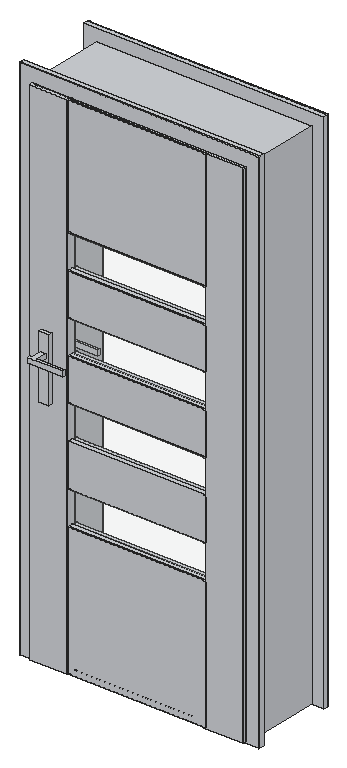
Revit family "porta_koncept_H4", category Drzwi, Revit 2016
Family settings
  Obiekt nadrzędny = Ściana
  Zawsze pionowo = Tak
  Tnij formami wycięć po wczytaniu = Nie
  Współdzielony = Nie
  Punkt obliczania pomieszczeń = Nie
Parameters (values of type "PN 80")
  Wysokość brutto = 2060 mm
  Szerokość brutto = 880 mm
  Model = "Koncept"
  Konstrukcja analityczna = "<Brak>"
  Funkcja = Wewnętrzna
  URL = "www.porta.com.pl"
  Ss = 844 mm
  Sb = 846 mm
  Producent = "PORTA KMI POLAND"
  Keynote = ""
  Description = ""
  Wysokość = 2016 mm
  Zakończenie ściany = Wg obiektu nadrzędnego
  Szerokość = 800 mm
  Materiał_skrzydło [instance] = none
  Materiał_ościeżnica [instance] = none
  Materiał_klamka [instance] = none
  Informacja = "Własność Porta KMI Poland, wszelkie prawa zastrzeżone."  # constant formula
  Hs = 2030 mm
Types (6, lengths in mm): name | Szerokość brutto | Model | Ss | Sb | Description | Szerokość
  PN 70 | 780 | 0 | 744 | 746 | "Biblioteki CAD produktów firmy PORTA KMI POLAND wraz z ich wizualizacjami są chronione prawami własności przemysłowej i intelektualnej. Można je wykorzystywać do handlowych celów osobistych poprzez zastosowanie w projektach, jednak nie wolno ich powielać, modyfikować, licencjonować ani publikować, w całości ani w części, chyba że celem przeglądania, bez uprzedniej pisemnej zgody PORTA KMI Poland. www.porta.com.pl" | 700
  PN 60 | 680 | 0 | 644 | 646 | "Biblioteki CAD produktów firmy PORTA KMI POLAND wraz z ich wizualizacjami są chronione prawami własności przemysłowej i intelektualnej. Można je wykorzystywać do handlowych celów osobistych poprzez zastosowanie w projektach, jednak nie wolno ich powielać, modyfikować, licencjonować ani publikować, w całości ani w części, chyba że celem przeglądania, bez uprzedniej pisemnej zgody PORTA KMI Poland. www.porta.com.pl" | 600
  PN 80 | 880 | "Koncept" | 844 | 846 | "" | 800
  PN 90 | 980 | 0 | 944 | 946 | "Biblioteki CAD produktów firmy PORTA KMI POLAND wraz z ich wizualizacjami są chronione prawami własności przemysłowej i intelektualnej. Można je wykorzystywać do handlowych celów osobistych poprzez zastosowanie w projektach, jednak nie wolno ich powielać, modyfikować, licencjonować ani publikować, w całości ani w części, chyba że celem przeglądania, bez uprzedniej pisemnej zgody PORTA KMI Poland. www.porta.com.pl" | 900
  PN 100 | 1080 | 0 | 1044 | 1046 | "Biblioteki CAD produktów firmy PORTA KMI POLAND wraz z ich wizualizacjami są chronione prawami własności przemysłowej i intelektualnej. Można je wykorzystywać do handlowych celów osobistych poprzez zastosowanie w projektach, jednak nie wolno ich powielać, modyfikować, licencjonować ani publikować, w całości ani w części, chyba że celem przeglądania, bez uprzedniej pisemnej zgody PORTA KMI Poland. www.porta.com.pl" | 1000
  PN 110 | 1180 | 0 | 1144 | 1146 | "Biblioteki CAD produktów firmy PORTA KMI POLAND wraz z ich wizualizacjami są chronione prawami własności przemysłowej i intelektualnej. Można je wykorzystywać do handlowych celów osobistych poprzez zastosowanie w projektach, jednak nie wolno ich powielać, modyfikować, licencjonować ani publikować, w całości ani w części, chyba że celem przeglądania, bez uprzedniej pisemnej zgody PORTA KMI Poland. www.porta.com.pl" | 1100
Reference planes
  plane 1: y = 0
  plane 2 "Środek (Lewa/Prawa)": x = 0
  plane 3 "Lewy": x = -440
  plane 4 "Prawy": x = 440
  plane 5: z = 2060
  plane 6 "Zewnętrzna": y = 150
  plane 7 "Wewnętrzna": y = -150
  plane 8 "skrzydło": y = -144.5
Forms (mm)
  Sweep 1, solid, material <- "Materiał_ościeżnica"
    path in 3D
      loop
        line (-440, -150, 0) -> (-440, -150, 2060) -> (440, -150, 2060) -> (440, -150, 0)
    profile origin (-440, -150, 1030) x (0, -1, 0) y (1, 0, 0)
      loop
        line (-10, 39) -> (-72, 39) -> (-72, 17) -> (0, 17) -> (0, -33) -> (16, -33)
        arc (16, -33) -> (18.121, -32.121) -> (19, -30) r 3
        line (19, -30) -> (19, 24)
        arc (19, 24) -> (18.121, 26.121) -> (16, 27) r 3
        line (16, 27) -> (-10, 27) -> (-10, 39)
  Sweep 2, solid, material <- "Materiał_ościeżnica"
    path in 3D
      loop
        line (440, 150, 0) -> (440, 150, 2060) -> (-440, 150, 2060) -> (-440, 150, 0)
    profile origin (-440, 150, 1030) x (1, 0, 0) y (0, 1, 0)
      loop
        line (-33, 0) -> (17, 0) -> (17, -228) -> (39, -228) -> (39, -1)
        arc (39, -1) -> (37.536, 2.536) -> (34, 4) r 5
        line (34, 4) -> (25, 4) -> (25, 16)
        arc (25, 16) -> (24.121, 18.121) -> (22, 19) r 3
        line (22, 19) -> (-30, 19)
        arc (-30, 19) -> (-32.121, 18.121) -> (-33, 16) r 3
        line (-33, 16) -> (-33, 0)
  Sweep 3, solid, not visible
    path in 3D
      loop
        line (-440, -150, 0) -> (-440, -150, 2060)
    profile origin (-440, -150, 1030) x (0, -1, 0) y (1, 0, 0)
      loop
        line (-151, 17) -> (-149, 17) -> (-149, 19) -> (-151, 19) -> (-151, 17)
Cuts and joins
  joined: Sweep 1, Sweep 2
Lines and regions (mm)
  Opening 1
    outline origin (-3050, -150, 0) x (1, 0, 0) y (0, 0, 1)
      loop
        line (2610, 0) -> (3490, 0) -> (3490, 2060) -> (2610, 2060) -> (2610, 0)
  sketch lines
    curve 1: line (-440, -150, 0) -> (-440, -150, 2060)
    curve 2: line (-440, -150, 2060) -> (440, -150, 2060)
    curve 3: line (440, -150, 2060) -> (440, -150, 0)
    curve 4: line (-440, 150, 2060) -> (-440, 150, 0)
    curve 5: line (440, 150, 2060) -> (-440, 150, 2060)
    curve 6: line (440, 150, 0) -> (440, 150, 2060)
    curve 12: line (-440, -150, 0) -> (-440, -150, 2060)
  symbolic lines, style "DoorsPanelProjection"
    curve 7: line (422, -150, 0) -> (422, -994, 0)
    curve 8: line (422, -994, 0) -> (382, -994, 0)
    curve 9: line (382, -994, 0) -> (382, -150, 0)
    curve 10: line (382, -150, 0) -> (422, -150, 0)
  symbolic lines, style "Ugięcie rzutu"
    curve 11: arc (-422, -150, 0) -> (-174.798, -746.798, 0) -> (422, -994, 0) r 844
Text (mm)
  text "Zewnętrzna" at (-2295.016, 1099.543, 0), in view "Poziom odniesienia"
  text "Zewnętrzna" at (0, 1615.38, 3698.081), in view "Lewy"
  text "Zewnętrzna" at (0, 1036.032, 3874.932), in view "Prawy"
Dimensions and locks
  equal spacing: plane 3 "Lewy", plane 2 "Środek (Lewa/Prawa)", plane 4 "Prawy"
  "Szerokość brutto": plane 3 "Lewy" to plane 4 "Prawy"
  "Wysokość brutto": plane 5 to host wall
  host wall to plane 5 = 2060 mm  (x2)
  locked: plane 6 "Zewnętrzna" to host wall at 0
  locked: plane 7 "Wewnętrzna" to host wall
  "Sb": Sweep 1 to Sweep 1
  locked: Sweep 1 sketch curve to Sweep 1 sketch curve at 22
  Sweep 1 sketch curve to Sweep 1 sketch curve = 50 mm
  locked: Sweep 1 sketch curve to profile plane at 72
  locked: Sweep 2 sketch curve to Sweep 2 sketch curve at 50
  locked: Sweep 2 sketch curve to Sweep 2 sketch curve at 22
  locked: Sweep 2 sketch curve to plane 6 "Zewnętrzna" at 1
  locked: curve 9 to curve 7 at 40
  "Ss": curve 8 to curve 10
  equal spacing: curve 11, plane 2 "Środek (Lewa/Prawa)", curve 7
  locked: plane 7 "Wewnętrzna" to plane 8 "skrzydło" at 5.5
  locked: host wall to Sweep 3 sketch curve at 1
  locked: Sweep 3 sketch curve to host wall at 1
  locked: Sweep 3 sketch curve to plane 6 "Zewnętrzna" at 151
  locked: plane 7 "Wewnętrzna" to Sweep 3 sketch curve at 151
  equal spacing: nested 1, plane 2 "Środek (Lewa/Prawa)", nested 1
  locked: nested 1 to level at 8
  aligned and locked: plane 3 "Lewy" to Opening 1 sketch curve
  aligned and locked: plane 5 to Opening 1 sketch curve  (x2)
  aligned and locked: Opening 1 sketch curve to plane 4 "Prawy"
  aligned and locked: Opening 1 sketch curve to level
  aligned and locked: plane 1 to host wall
  aligned and locked: Sweep 1 to Sweep 2 sketch curve
  aligned and locked: plane 7 "Wewnętrzna" to curve 10
  aligned and locked: Sweep 3 sketch curve to cut or joined group of Sweep 1, Sweep 2
  aligned and locked: Sweep 2 sketch curve to cut or joined group of Sweep 1, Sweep 2
  aligned and locked: nested 1 to plane 8 "skrzydło"
Automatic sketch dimensions
  profile plane to Sweep 1 sketch curve = 10 mm
  Sweep 1 sketch curve to profile plane = 16 mm  (x2)
  Sweep 1 sketch curve to Sweep 1 sketch curve = 3 mm
  profile plane to Sweep 1 sketch curve = 17 mm
  Sweep 1 sketch curve to Sweep 1 sketch curve = 7 mm
  Sweep 1 sketch curve to profile plane = 0 mm
  Sweep 2 sketch curve to profile plane = 0 mm
  Sweep 2 sketch curve to profile plane = 16 mm
  Sweep 2 sketch curve to Sweep 2 sketch curve = 3 mm
  Sweep 2 sketch curve to Sweep 2 sketch curve = 5 mm
  Sweep 2 sketch curve to profile plane = 4 mm
  Sweep 2 sketch curve to Sweep 2 sketch curve = 8 mm
  curve 11 to host wall = 0 mm
  Sweep 3 sketch curve to Sweep 3 sketch curve = 2 mm
Nested families
  nested 1: "skrzydło" at (0, -151, 0), Materiał_klamka <- "Materiał_klamka", Materiał_skrzydło <- "Materiał_skrzydło", type "skrzydło"
    with Materiał_skrzydło none, Materiał_klamka none
Definition of nested family "skrzydło"
  Parameters
    Ss = 844 mm
    Materiał_skrzydło [instance] = none
    Materiał_klamka [instance] = none
    Hs = 2030 mm
  Reference planes
    plane 1 "Tył": y = 6.5
    plane 2: z = 0
    plane 3 "Środek (Lewa/Prawa)": x = 0
    plane 4 "Lewa": x = -422
    plane 5 "Prawa": x = 422
    plane 6 "Przód": y = -33.5
    plane 7: z = 2038
    plane 8 "Centrum": y = -13.5
    plane 9: x = -409
    plane 10: z = 8
    plane 11: x = 409
    plane 12: x = -272
    plane 13: x = 272
    plane 14: z = 2025
  Forms (mm)
    Extrusion 1, solid, material <- "Materiał_skrzydło"
      sketch origin (-1191.728, -1524, 8) x (-1, 0, 0) y (0, -1, 0)
        loop
          line (-1465.378, -1490.5) -> (-1612.078, -1490.5)
          arc (-1612.078, -1490.5) -> (-1613.244, -1490.983) -> (-1613.728, -1492.15) r 1.65
          line (-1613.728, -1492.15) -> (-1613.728, -1501.85)
          arc (-1613.728, -1501.85) -> (-1613.244, -1503.017) -> (-1612.078, -1503.5) r 1.65
          line (-1612.078, -1503.5) -> (-1602.078, -1503.5)
          arc (-1602.078, -1503.5) -> (-1601.123, -1503.895) -> (-1600.728, -1504.85) r 1.35
          line (-1600.728, -1504.85) -> (-1600.728, -1528.85)
          arc (-1600.728, -1528.85) -> (-1600.244, -1530.017) -> (-1599.078, -1530.5) r 1.65
          line (-1599.078, -1530.5) -> (-1465.378, -1530.5)
          arc (-1465.378, -1530.5) -> (-1464.211, -1530.017) -> (-1463.728, -1528.85) r 1.65
          line (-1463.728, -1528.85) -> (-1463.728, -1492.15)
          arc (-1463.728, -1492.15) -> (-1464.211, -1490.983) -> (-1465.378, -1490.5) r 1.65
      from 0 to 2030
    Extrusion 2, void
      sketch origin (0, 0, 0) x (0, -1, 0) y (0, 0, 1)
        loop
          line (-6.5, 2025) -> (20.5, 2025) -> (20.5, 2038) -> (-6.5, 2038) -> (-6.5, 2025)
      from -422 to 422
    Extrusion 3, solid, material <- "Materiał_skrzydło"
      sketch origin (0, 0, 0) x (0, 1, 0) y (0, 0, 1)
        loop
          line (4, 1568.15) -> (4, 2023.35)
          arc (4, 2023.35) -> (3.517, 2024.517) -> (2.35, 2025) r 1.65
          line (2.35, 2025) -> (-19.15, 2025)
          arc (-19.15, 2025) -> (-20.105, 2025.395) -> (-20.5, 2026.35) r 1.35
          line (-20.5, 2026.35) -> (-20.5, 2036.35)
          arc (-20.5, 2036.35) -> (-20.983, 2037.517) -> (-22.15, 2038) r 1.65
          line (-22.15, 2038) -> (-29.35, 2038)
          arc (-29.35, 2038) -> (-30.517, 2037.517) -> (-31, 2036.35) r 1.65
          line (-31, 2036.35) -> (-31, 1568.15)
          arc (-31, 1568.15) -> (-30.517, 1566.983) -> (-29.35, 1566.5) r 1.65
          line (-29.35, 1566.5) -> (2.35, 1566.5)
          arc (2.35, 1566.5) -> (3.517, 1566.983) -> (4, 1568.15) r 1.65
        loop
          line (2.35, 529.5) -> (-29.35, 529.5)
          arc (-29.35, 529.5) -> (-30.517, 529.017) -> (-31, 527.85) r 1.65
          line (-31, 527.85) -> (-31, 9.65)
          arc (-31, 9.65) -> (-30.517, 8.483) -> (-29.35, 8) r 1.65
          line (-29.35, 8) -> (-25, 8)
          arc (-25, 8) -> (-23.833, 8.483) -> (-23.35, 9.65) r 1.65
          arc (-23.35, 9.65) -> (-22.955, 10.605) -> (-22, 11) r 1.35
          line (-22, 11) -> (-5, 11)
          arc (-5, 11) -> (-4.045, 10.605) -> (-3.65, 9.65) r 1.35
          arc (-3.65, 9.65) -> (-3.167, 8.483) -> (-2, 8) r 1.65
          line (-2, 8) -> (2.35, 8)
          arc (2.35, 8) -> (3.517, 8.483) -> (4, 9.65) r 1.65
          line (4, 9.65) -> (4, 527.85)
          arc (4, 527.85) -> (3.517, 529.017) -> (2.35, 529.5) r 1.65
        loop
          line (2.35, 831.25) -> (-29.35, 831.25)
          arc (-29.35, 831.25) -> (-30.517, 830.767) -> (-31, 829.6) r 1.65
          line (-31, 829.6) -> (-31, 662.9)
          arc (-31, 662.9) -> (-30.517, 661.733) -> (-29.35, 661.25) r 1.65
          line (-29.35, 661.25) -> (2.35, 661.25)
          arc (2.35, 661.25) -> (3.517, 661.733) -> (4, 662.9) r 1.65
          line (4, 662.9) -> (4, 829.6)
          arc (4, 829.6) -> (3.517, 830.767) -> (2.35, 831.25) r 1.65
        loop
          line (2.35, 1133) -> (-29.35, 1133)
          arc (-29.35, 1133) -> (-30.517, 1132.517) -> (-31, 1131.35) r 1.65
          line (-31, 1131.35) -> (-31, 964.65)
          arc (-31, 964.65) -> (-30.517, 963.483) -> (-29.35, 963) r 1.65
          line (-29.35, 963) -> (2.35, 963)
          arc (2.35, 963) -> (3.517, 963.483) -> (4, 964.65) r 1.65
          line (4, 964.65) -> (4, 1131.35)
          arc (4, 1131.35) -> (3.517, 1132.517) -> (2.35, 1133) r 1.65
        loop
          line (2.35, 1434.75) -> (-29.35, 1434.75)
          arc (-29.35, 1434.75) -> (-30.517, 1434.267) -> (-31, 1433.1) r 1.65
          line (-31, 1433.1) -> (-31, 1266.4)
          arc (-31, 1266.4) -> (-30.517, 1265.233) -> (-29.35, 1264.75) r 1.65
          line (-29.35, 1264.75) -> (2.35, 1264.75)
          arc (2.35, 1264.75) -> (3.517, 1265.233) -> (4, 1266.4) r 1.65
          line (4, 1266.4) -> (4, 1433.1)
          arc (4, 1433.1) -> (3.517, 1434.267) -> (2.35, 1434.75) r 1.65
      from -272 to 272
    Extrusion 4, solid
      sketch origin (-892.016, -13.5, 1200) x (-1, 0, 0) y (0, 0, 1)
        loop
          line (-620.016, 366.5) -> (-1164.016, 366.5) -> (-1164.016, 234.75) -> (-620.016, 234.75) -> (-620.016, 366.5)
      from -2 to 2
    Extrusion 5, solid
      sketch origin (-892.016, -13.5, 1200) x (-1, 0, 0) y (0, 0, 1)
        loop
          line (-620.016, -67) -> (-620.016, 64.75) -> (-1164.016, 64.75) -> (-1164.016, -67) -> (-620.016, -67)
      from -2 to 2
    Extrusion 6, solid
      sketch origin (-892.016, -13.5, 1200) x (-1, 0, 0) y (0, 0, 1)
        loop
          line (-620.016, -237) -> (-1164.016, -237) -> (-1164.016, -368.75) -> (-620.016, -368.75) -> (-620.016, -237)
      from -2 to 2
    Extrusion 7, solid
      sketch origin (-892.016, -13.5, 1200) x (-1, 0, 0) y (0, 0, 1)
        loop
          line (-620.016, -538.75) -> (-1164.016, -538.75) -> (-1164.016, -670.5) -> (-620.016, -670.5) -> (-620.016, -538.75)
      from -2 to 2
    Extrusion 8, solid, material <- "Materiał_skrzydło"
      sketch origin (-1191.728, -1524, 8) x (-1, 0, 0) y (0, -1, 0)
        loop
          arc (-918.078, -1490.5) -> (-919.244, -1490.983) -> (-919.728, -1492.15) r 1.65
          line (-919.728, -1492.15) -> (-919.728, -1528.85)
          arc (-919.728, -1528.85) -> (-919.244, -1530.017) -> (-918.078, -1530.5) r 1.65
          line (-918.078, -1530.5) -> (-784.378, -1530.5)
          arc (-784.378, -1530.5) -> (-783.211, -1530.017) -> (-782.728, -1528.85) r 1.65
          line (-782.728, -1528.85) -> (-782.728, -1504.85)
          arc (-782.728, -1504.85) -> (-782.332, -1503.895) -> (-781.378, -1503.5) r 1.35
          line (-781.378, -1503.5) -> (-771.378, -1503.5)
          arc (-771.378, -1503.5) -> (-770.211, -1503.017) -> (-769.728, -1501.85) r 1.65
          line (-769.728, -1501.85) -> (-769.728, -1492.15)
          arc (-769.728, -1492.15) -> (-770.211, -1490.983) -> (-771.378, -1490.5) r 1.65
          line (-771.378, -1490.5) -> (-918.078, -1490.5)
      from 0 to 2030
  Cuts and joins
    Extrusion 2 cuts Extrusion 1
    Extrusion 2 cuts Extrusion 8
  Dimensions and locks
    equal spacing: plane 4 "Lewa", plane 3 "Środek (Lewa/Prawa)", plane 5 "Prawa"
    "Ss": plane 4 "Lewa" to plane 5 "Prawa"
    locked: plane 4 "Lewa" to plane 9 at 13
    locked: plane 10 to level at 8
    "Hs": plane 7 to plane 10
    locked: plane 5 "Prawa" to plane 11 at 13
    locked: plane 9 to nested 1 at 35
    locked: nested 1 to plane 10 at 934
    locked: plane 10 to nested 2 at 934
    equal spacing: plane 6 "Przód", plane 8 "Centrum", plane 1 "Tył"
    locked: plane 7 to plane 14 at 13
    locked: plane 12 to plane 4 "Lewa" at 150
    locked: plane 5 "Prawa" to plane 13 at 150
    locked: plane 1 "Tył" to Extrusion 2 sketch curve at 27
    aligned and locked: nested 1 to plane 6 "Przód"
    aligned and locked: plane 5 "Prawa" to Extrusion 1 sketch curve
    aligned and locked: Extrusion 1 sketch curve to plane 11
    aligned and locked: Extrusion 1 sketch curve to plane 1 "Tył"
    aligned and locked: Extrusion 1 sketch curve to plane 6 "Przód"
    aligned and locked: Extrusion 1 sketch curve to plane 13
    aligned and locked: plane 7 to Extrusion 1
    aligned and locked: Extrusion 2 sketch curve to plane 14
    aligned and locked: Extrusion 2 sketch curve to plane 1 "Tył"
    aligned and locked: plane 7 to Extrusion 2 sketch curve
    aligned and locked: Extrusion 2 to plane 4 "Lewa"
    aligned and locked: plane 5 "Prawa" to Extrusion 2
    aligned and locked: Extrusion 3 to plane 12
    aligned and locked: plane 13 to Extrusion 3
    aligned and locked: plane 12 to Extrusion 4 sketch curve
    aligned and locked: plane 13 to Extrusion 4 sketch curve
    aligned and locked: Extrusion 3 to Extrusion 5 sketch curve  (x2)
    aligned and locked: plane 12 to Extrusion 6 sketch curve
    aligned and locked: plane 13 to Extrusion 6 sketch curve
    aligned and locked: plane 12 to Extrusion 7 sketch curve
    aligned and locked: plane 13 to Extrusion 7 sketch curve
    aligned and locked: plane 4 "Lewa" to Extrusion 8 sketch curve
    aligned and locked: Extrusion 8 sketch curve to plane 12
    aligned and locked: plane 7 to Extrusion 8
    aligned and locked: nested 2 to nested 1
  Automatic sketch dimensions
    Extrusion 1 sketch curve to Extrusion 1 sketch curve = 1.65 mm  (x4)
    Extrusion 1 sketch curve to Extrusion 1 sketch curve = 1.35 mm
    Extrusion 1 sketch curve to Extrusion 1 sketch curve = 10 mm
    plane 1 "Tył" to Extrusion 1 sketch curve = 25.65 mm
    Extrusion 3 sketch curve to plane 7 = 0 mm
    Extrusion 3 sketch curve to plane 10 = 0 mm  (x2)
    Extrusion 3 sketch curve to plane 14 = 0 mm
    plane 6 "Przód" to Extrusion 3 sketch curve = 2.5 mm  (x5)
    plane 10 to Extrusion 3 sketch curve = 1.65 mm  (x3)
    Extrusion 3 sketch curve to Extrusion 3 sketch curve = 1.65 mm  (x15)
    Extrusion 3 sketch curve to Extrusion 3 sketch curve = 4.35 mm
    Extrusion 3 sketch curve to Extrusion 3 sketch curve = 0 mm  (x2)
    Extrusion 3 sketch curve to Extrusion 3 sketch curve = 7.2 mm
    Extrusion 3 sketch curve to Extrusion 3 sketch curve = 1.35 mm  (x2)
    plane 8 "Centrum" to Extrusion 3 sketch curve = 8.5 mm
    plane 1 "Tył" to Extrusion 3 sketch curve = 4.15 mm  (x9)
    Extrusion 3 sketch curve to plane 14 = 1.65 mm
    Extrusion 3 sketch curve to Extrusion 3 sketch curve = 516.85 mm
    Extrusion 3 sketch curve to Extrusion 3 sketch curve = 131.75 mm  (x4)
    Extrusion 3 sketch curve to Extrusion 3 sketch curve = 166.7 mm  (x3)
    Extrusion 4 sketch curve to Extrusion 4 sketch curve = 131.75 mm
    Extrusion 4 sketch curve to plane 7 = 471.5 mm
    Extrusion 5 sketch curve to plane 7 = 773.25 mm
    Extrusion 5 sketch curve to Extrusion 5 sketch curve = 131.75 mm
    plane 10 to Extrusion 6 sketch curve = 823.25 mm
    Extrusion 6 sketch curve to Extrusion 6 sketch curve = 131.75 mm
    plane 10 to Extrusion 7 sketch curve = 521.5 mm
    Extrusion 7 sketch curve to Extrusion 7 sketch curve = 131.75 mm
    Extrusion 8 sketch curve to Extrusion 8 sketch curve = 1.65 mm  (x4)
    Extrusion 8 sketch curve to Extrusion 8 sketch curve = 1.35 mm
    Extrusion 8 sketch curve to Extrusion 8 sketch curve = 10 mm
    Extrusion 8 sketch curve to Extrusion 8 sketch curve = 0 mm
    plane 6 "Przód" to Extrusion 8 sketch curve = 40 mm
    Extrusion 8 sketch curve to Extrusion 8 sketch curve = 24 mm
    Extrusion 8 sketch curve to Extrusion 8 sketch curve = 9.7 mm
  Nested families
    nested 1: "KLAMKA" at (-354, -33.5, 1067), Materiał klamki <- "Materiał_klamka", type "KLAMKA"
      with Materiał klamki none
    nested 2: "KLAMKA" at (-354, 6.5, 1067), Materiał klamki <- "Materiał_klamka", type "KLAMKA"
      with Materiał klamki none
  Definition of nested family "KLAMKA"
    Parameters
      Materiał klamki [instance] = none
      Assembly Code = ""
      Default Elevation = 1219.2 mm
    Reference planes
      plane 1 "Center (Front/Back)": y = 0
      plane 2: z = 0
      plane 3 "Center (Left/Right)": x = 0
      plane 4: z = 125
      plane 5: z = -125
      plane 6: x = 20
      plane 7: x = -20
      plane 8: y = -70
      plane 9: y = -60
      plane 10: x = 10
      plane 11: x = -10
      plane 12: x = 120
      plane 13: z = 35
      plane 14: z = 55
      plane 15: y = -15
    Forms (mm)
      Extrusion 1, solid, material <- "Materiał klamki"
        sketch origin (0, 0, 0) x (1, 0, 0) y (0, 0, 1)
          loop
            line (-20, 125) -> (-20, -125) -> (20, -125) -> (20, 125) -> (-20, 125)
        from 0 to 15
      Extrusion 2, solid, material <- "Materiał klamki"
        sketch origin (0, 0, 0) x (1, 0, 0) y (0, 1, 0)
          loop
            line (-10, -15) -> (-10, -60) -> (-20, -60) -> (-20, -70) -> (120, -70) -> (120, -60) -> (10, -60) -> (10, -15) -> (-10, -15)
        from 35 to 55
    Dimensions and locks
      equal spacing: plane 4, plane 2, plane 5
      plane 4 to plane 5 = 250 mm
      equal spacing: plane 7, plane 3 "Center (Left/Right)", plane 6
      plane 7 to plane 6 = 40 mm
      plane 8 to plane 1 "Center (Front/Back)" = 70 mm
      plane 11 to plane 3 "Center (Left/Right)" to plane 10 = 10 mm locked, 10 mm locked
      plane 7 to plane 12 = 140 mm
      plane 15 to plane 1 "Center (Front/Back)" = 15 mm
      aligned and locked: plane 7 to Extrusion 1 sketch curve
      aligned and locked: Extrusion 1 sketch curve to plane 4
      aligned and locked: plane 5 to Extrusion 1 sketch curve
      aligned and locked: Extrusion 1 sketch curve to plane 6
      aligned and locked: plane 15 to Extrusion 1
      aligned and locked: Extrusion 1 to plane 1 "Center (Front/Back)"
      aligned and locked: plane 14 to Extrusion 2
      aligned and locked: Extrusion 2 to plane 13
    Automatic sketch dimensions
      Extrusion 2 sketch curve to plane 7 = 0 mm
      Extrusion 2 sketch curve to plane 9 = 0 mm  (x2)
      Extrusion 2 sketch curve to plane 11 = 0 mm
      Extrusion 2 sketch curve to plane 10 = 0 mm
      Extrusion 2 sketch curve to plane 12 = 0 mm
      Extrusion 2 sketch curve to plane 8 = 0 mm
      Extrusion 2 sketch curve to plane 15 = 0 mm
